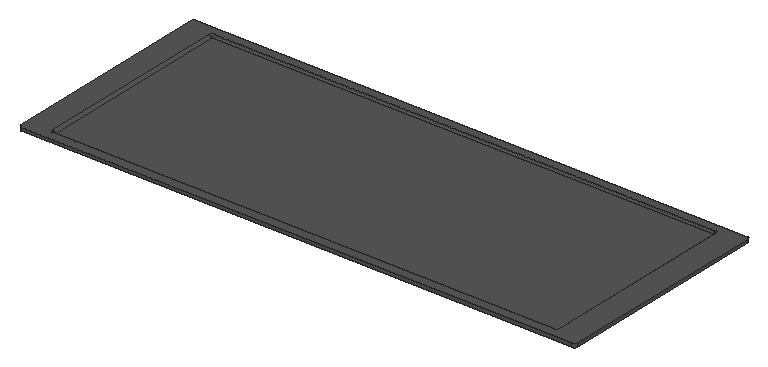
Revit family "DKTL0014_revit", category Generic Models, Revit 2017
Family settings
  Can host rebar = No
  Round Connector Dimension = Use Diameter
  Part Type = Normal
  Work Plane-Based = No
  Always vertical = Yes
  Cut with Voids When Loaded = No
  Shared = No
  Room Calculation Point = No
Parameters
  Website = "https://dolphy.in/"  # constant formula
  Material and Finish = Dolphy_BLACK
  Length = 360 mm
  Contact number = "+91 9520202035"  # constant formula
  Contact email = "info@dolphy.in"  # constant formula
  Company name = "Dolphy India"  # constant formula
Reference planes
  plane 1 "Center (Front/Back)": y = 0
  plane 2: z = 0
  plane 3 "Center (Left/Right)": x = 0
Forms (mm)
  Extrusion 1, solid, material "Dolphy_BLACK"
    sketch origin (0, 0, 0) x (1, 0, 0) y (0, 1, 0)
      loop
        arc (-164, 65) -> (-165.414, 64.414) -> (-166, 63) r 2
        line (-166, 63) -> (-166, -63)
        arc (-166, -63) -> (-165.414, -64.414) -> (-164, -65) r 2
        line (-164, -65) -> (164, -65)
        arc (164, -65) -> (165.414, -64.414) -> (166, -63) r 2
        line (166, -63) -> (166, 63)
        arc (166, 63) -> (165.414, 64.414) -> (164, 65) r 2
        line (164, 65) -> (-164, 65)
    from 0 to 2
  Blend 2, void
    base sketch origin (0, 0, 2) x (0, 1, 0) y (-1, 0, 0)
      loop
        arc (-58, 151) -> (-59.414, 150.414) -> (-60, 149) r 2
        line (-60, 149) -> (-60, -149)
        arc (-60, -149) -> (-59.414, -150.414) -> (-58, -151) r 2
        line (-58, -151) -> (58, -151)
        arc (58, -151) -> (59.414, -150.414) -> (60, -149) r 2
        line (60, -149) -> (60, 149)
        arc (60, 149) -> (59.414, 150.414) -> (58, 151) r 2
        line (58, 151) -> (-58, 151)
    top sketch origin (0, 0, 2) x (0, 1, 0) y (-1, 0, 0)
      loop
        line (58.5, 149.5) -> (-58.5, 149.5) -> (-58.5, -149.5) -> (58.5, -149.5) -> (58.5, 149.5)
    from 0 to -1
Cuts and joins
  Blend 2 cuts Extrusion 1
Dimensions and locks
  Extrusion 1 sketch curve to Extrusion 1 sketch curve = 332 mm
  Extrusion 1 sketch curve to Extrusion 1 sketch curve = 130 mm
  aligned and locked: level to plane 2
